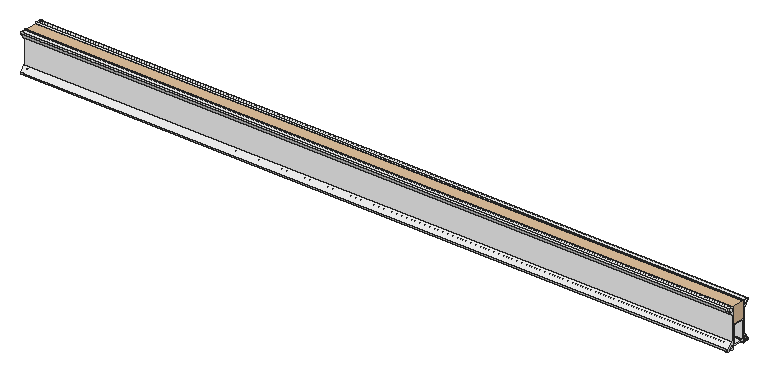
Revit family "Acrow Beam_S12", category Structural Stiffeners, Revit 2020
Family settings
  Work Plane-Based = No
  Always vertical = Yes
  Cut with Voids When Loaded = No
  Shared = No
Parameters (values of type "Single_Acrow")
  Wooden_Material = Sash
  Single = yes
  L [instance] = 2200 mm
  Double = no
  Default Elevation = 0 mm
  Beam_Material = Aluminum
Types (2, lengths in mm): name | Single | Double
  Single_Acrow | yes | no
  Double_Acrow | no | yes
Reference planes
  plane 1 "Center (Front/Back)": y = 0
  plane 2: z = 0
  plane 3 "Center (Left/Right)": x = 0
  plane 4: x = 1100
  plane 5: x = -1100
Forms (mm)
  Sweep 1, solid, material "Aluminum" <- "Beam_Material", visible <- "Single"
    path origin (0, 0, 0) x (1, 0, 0) y (0, 1, 0)
      loop
        line (-1100, 0) -> (1100, 0)
    profile "Acrow_Beam_Profile_Single : Acrow_Beam_Profile_Single" origin (0, 0, 0) x (0, 1, 0) y (0, 0, 1)
      loop
        line (22.093, -115.998) -> (22.093, -2.908)
        arc (22.093, -2.908) -> (22.414, -2.26) -> (23.089, -1.998) r 1
        line (23.089, -1.998) -> (36.389, -1.998)
        arc (36.389, -1.998) -> (37.323, -2.569) -> (37.174, -3.654) r 1
        line (37.174, -3.654) -> (22.479, -20.538) -> (23.988, -21.851) -> (38.683, -4.967)
        arc (38.683, -4.967) -> (39.139, -1.73) -> (36.366, 0.002) r 3
        line (36.366, 0.002) -> (23.089, 0.002)
        arc (23.089, 0.002) -> (20.913, -0.932) -> (20.093, -3.153) r 3
        line (20.093, -3.153) -> (20.093, -115.998)
        arc (20.093, -115.998) -> (20.99, -118.138) -> (23.146, -118.997) r 3
        line (23.146, -118.997) -> (36.424, -118.997)
        arc (36.424, -118.997) -> (39.154, -117.241) -> (38.686, -114.028) r 3
        line (38.686, -114.028) -> (23.991, -97.145) -> (22.482, -98.458) -> (37.178, -115.341)
        arc (37.178, -115.341) -> (37.334, -116.412) -> (36.424, -116.997) r 1
        line (36.424, -116.997) -> (23.123, -116.997)
        arc (23.123, -116.997) -> (22.396, -116.716) -> (22.093, -115.998) r 1
      loop
        arc (-15.913, -54.574) -> (-16.974, -55.013) -> (-17.413, -56.074) r 1.5
        line (-17.413, -56.074) -> (-17.413, -108.022)
        arc (-17.413, -108.022) -> (-16.974, -109.082) -> (-15.913, -109.522) r 1.5
        line (-15.913, -109.522) -> (15.913, -109.522)
        arc (15.913, -109.522) -> (16.974, -109.082) -> (17.413, -108.022) r 1.5
        line (17.413, -108.022) -> (17.413, -56.074)
        arc (17.413, -56.074) -> (16.974, -55.013) -> (15.913, -54.574) r 1.5
        line (15.913, -54.574) -> (-15.913, -54.574)
      loop
        arc (-15.913, -52.073) -> (-18.742, -53.245) -> (-19.913, -56.073) r 4
        line (-19.913, -56.073) -> (-19.913, -108.022)
        arc (-19.913, -108.022) -> (-18.742, -110.85) -> (-15.913, -112.022) r 4
        line (-15.913, -112.022) -> (15.913, -112.022)
        arc (15.913, -112.022) -> (18.742, -110.85) -> (19.913, -108.022) r 4
        line (19.913, -108.022) -> (19.913, -56.073)
        arc (19.913, -56.073) -> (18.742, -53.245) -> (15.913, -52.073) r 4
        line (15.913, -52.073) -> (-15.913, -52.073)
      loop
        arc (-22.093, -115.998) -> (-22.396, -116.716) -> (-23.123, -116.997) r 1
        line (-23.123, -116.997) -> (-36.424, -116.997)
        arc (-36.424, -116.997) -> (-37.334, -116.412) -> (-37.178, -115.341) r 1
        line (-37.178, -115.341) -> (-22.482, -98.458) -> (-23.991, -97.145) -> (-38.686, -114.028)
        arc (-38.686, -114.028) -> (-39.154, -117.241) -> (-36.424, -118.997) r 3
        line (-36.424, -118.997) -> (-23.146, -118.997)
        arc (-23.146, -118.997) -> (-20.99, -118.138) -> (-20.093, -115.998) r 3
        line (-20.093, -115.998) -> (-20.093, -3.153)
        arc (-20.093, -3.153) -> (-20.913, -0.932) -> (-23.089, 0.002) r 3
        line (-23.089, 0.002) -> (-36.366, 0.002)
        arc (-36.366, 0.002) -> (-39.139, -1.73) -> (-38.683, -4.967) r 3
        line (-38.683, -4.967) -> (-23.988, -21.851) -> (-22.479, -20.538) -> (-37.174, -3.654)
        arc (-37.174, -3.654) -> (-37.323, -2.569) -> (-36.389, -1.998) r 1
        line (-36.389, -1.998) -> (-23.089, -1.998)
        arc (-23.089, -1.998) -> (-22.414, -2.26) -> (-22.093, -2.908) r 1
        line (-22.093, -2.908) -> (-22.093, -115.998)
  Sweep 2, solid, material "Sash" <- "Wooden_Material", visible <- "Single"
    path origin (0, 0, 0) x (1, 0, 0) y (0, 1, 0)
      loop
        line (-1100, 0) -> (1100, 0)
    profile origin (0, 0, 0) x (0, 1, 0) y (0, 0, 1)
      loop
        line (-19.093, -1.998) -> (-19.093, -51.073) -> (19.093, -51.073) -> (19.093, -1.998) -> (-19.093, -1.998)
  Sweep 3, solid, material "Aluminum" <- "Beam_Material", visible <- "Double"
    path origin (0, 0, 0) x (1, 0, 0) y (0, 1, 0)
      loop
        line (-1100, 0) -> (1100, 0)
    profile "Acrow_Beam_Profile_Double : Acrow_Beam_Profile_Double" origin (0, 0, 0) x (0, 1, 0) y (0, 0, 1)
      loop
        line (62.093, -115.998) -> (62.093, -2.908)
        arc (62.093, -2.908) -> (62.414, -2.26) -> (63.089, -1.998) r 1
        line (63.089, -1.998) -> (76.389, -1.998)
        arc (76.389, -1.998) -> (77.323, -2.569) -> (77.174, -3.654) r 1
        line (77.174, -3.654) -> (62.479, -20.538) -> (63.988, -21.851) -> (78.683, -4.967)
        arc (78.683, -4.967) -> (79.139, -1.73) -> (76.366, 0.002) r 3
        line (76.366, 0.002) -> (63.089, 0.002)
        arc (63.089, 0.002) -> (60.913, -0.932) -> (60.093, -3.153) r 3
        line (60.093, -3.153) -> (60.093, -115.998)
        arc (60.093, -115.998) -> (60.99, -118.138) -> (63.146, -118.997) r 3
        line (63.146, -118.997) -> (76.424, -118.997)
        arc (76.424, -118.997) -> (79.154, -117.241) -> (78.686, -114.028) r 3
        line (78.686, -114.028) -> (63.991, -97.145) -> (62.482, -98.458) -> (77.178, -115.341)
        arc (77.178, -115.341) -> (77.334, -116.412) -> (76.424, -116.997) r 1
        line (76.424, -116.997) -> (63.123, -116.997)
        arc (63.123, -116.997) -> (62.396, -116.716) -> (62.093, -115.998) r 1
      loop
        arc (24.087, -54.574) -> (23.026, -55.013) -> (22.587, -56.074) r 1.5
        line (22.587, -56.074) -> (22.587, -108.022)
        arc (22.587, -108.022) -> (23.026, -109.082) -> (24.087, -109.522) r 1.5
        line (24.087, -109.522) -> (55.913, -109.522)
        arc (55.913, -109.522) -> (56.974, -109.082) -> (57.413, -108.022) r 1.5
        line (57.413, -108.022) -> (57.413, -56.074)
        arc (57.413, -56.074) -> (56.974, -55.013) -> (55.913, -54.574) r 1.5
        line (55.913, -54.574) -> (24.087, -54.574)
      loop
        arc (24.087, -52.073) -> (21.258, -53.245) -> (20.087, -56.073) r 4
        line (20.087, -56.073) -> (20.087, -108.022)
        arc (20.087, -108.022) -> (21.258, -110.85) -> (24.087, -112.022) r 4
        line (24.087, -112.022) -> (55.913, -112.022)
        arc (55.913, -112.022) -> (58.742, -110.85) -> (59.913, -108.022) r 4
        line (59.913, -108.022) -> (59.913, -56.073)
        arc (59.913, -56.073) -> (58.742, -53.245) -> (55.913, -52.073) r 4
        line (55.913, -52.073) -> (24.087, -52.073)
      loop
        arc (17.907, -115.998) -> (17.604, -116.716) -> (16.877, -116.997) r 1
        line (16.877, -116.997) -> (3.576, -116.997)
        arc (3.576, -116.997) -> (2.666, -116.412) -> (2.822, -115.341) r 1
        line (2.822, -115.341) -> (17.518, -98.458) -> (16.009, -97.145) -> (1.314, -114.028)
        arc (1.314, -114.028) -> (0.846, -117.241) -> (3.576, -118.997) r 3
        line (3.576, -118.997) -> (16.854, -118.997)
        arc (16.854, -118.997) -> (19.01, -118.138) -> (19.907, -115.998) r 3
        line (19.907, -115.998) -> (19.907, -3.153)
        arc (19.907, -3.153) -> (19.087, -0.932) -> (16.911, 0.002) r 3
        line (16.911, 0.002) -> (3.634, 0.002)
        arc (3.634, 0.002) -> (0.861, -1.73) -> (1.317, -4.967) r 3
        line (1.317, -4.967) -> (16.012, -21.851) -> (17.521, -20.538) -> (2.826, -3.654)
        arc (2.826, -3.654) -> (2.677, -2.569) -> (3.611, -1.998) r 1
        line (3.611, -1.998) -> (16.911, -1.998)
        arc (16.911, -1.998) -> (17.586, -2.26) -> (17.907, -2.908) r 1
        line (17.907, -2.908) -> (17.907, -115.998)
  Sweep 4, solid, material "Aluminum" <- "Beam_Material", visible <- "Double"
    path origin (0, 0, 0) x (1, 0, 0) y (0, -1, 0)
      loop
        line (-1100, 0) -> (1100, 0)
    profile "Acrow_Beam_Profile_Double : Acrow_Beam_Profile_Double" origin (0, 0, 0) x (0, 1, 0) y (0, 0, 1)
      loop
        arc (-62.093, -115.998) -> (-62.396, -116.716) -> (-63.123, -116.997) r 1
        line (-63.123, -116.997) -> (-76.424, -116.997)
        arc (-76.424, -116.997) -> (-77.334, -116.412) -> (-77.178, -115.341) r 1
        line (-77.178, -115.341) -> (-62.482, -98.458) -> (-63.991, -97.145) -> (-78.686, -114.028)
        arc (-78.686, -114.028) -> (-79.154, -117.241) -> (-76.424, -118.997) r 3
        line (-76.424, -118.997) -> (-63.146, -118.997)
        arc (-63.146, -118.997) -> (-60.99, -118.138) -> (-60.093, -115.998) r 3
        line (-60.093, -115.998) -> (-60.093, -3.153)
        arc (-60.093, -3.153) -> (-60.913, -0.932) -> (-63.089, 0.002) r 3
        line (-63.089, 0.002) -> (-76.366, 0.002)
        arc (-76.366, 0.002) -> (-79.139, -1.73) -> (-78.683, -4.967) r 3
        line (-78.683, -4.967) -> (-63.988, -21.851) -> (-62.479, -20.538) -> (-77.174, -3.654)
        arc (-77.174, -3.654) -> (-77.323, -2.569) -> (-76.389, -1.998) r 1
        line (-76.389, -1.998) -> (-63.089, -1.998)
        arc (-63.089, -1.998) -> (-62.414, -2.26) -> (-62.093, -2.908) r 1
        line (-62.093, -2.908) -> (-62.093, -115.998)
      loop
        line (-24.087, -54.574) -> (-55.913, -54.574)
        arc (-55.913, -54.574) -> (-56.974, -55.013) -> (-57.413, -56.074) r 1.5
        line (-57.413, -56.074) -> (-57.413, -108.022)
        arc (-57.413, -108.022) -> (-56.974, -109.082) -> (-55.913, -109.522) r 1.5
        line (-55.913, -109.522) -> (-24.087, -109.522)
        arc (-24.087, -109.522) -> (-23.026, -109.082) -> (-22.587, -108.022) r 1.5
        line (-22.587, -108.022) -> (-22.587, -56.074)
        arc (-22.587, -56.074) -> (-23.026, -55.013) -> (-24.087, -54.574) r 1.5
      loop
        line (-24.087, -52.073) -> (-55.913, -52.073)
        arc (-55.913, -52.073) -> (-58.742, -53.245) -> (-59.913, -56.073) r 4
        line (-59.913, -56.073) -> (-59.913, -108.022)
        arc (-59.913, -108.022) -> (-58.742, -110.85) -> (-55.913, -112.022) r 4
        line (-55.913, -112.022) -> (-24.087, -112.022)
        arc (-24.087, -112.022) -> (-21.258, -110.85) -> (-20.087, -108.022) r 4
        line (-20.087, -108.022) -> (-20.087, -56.073)
        arc (-20.087, -56.073) -> (-21.258, -53.245) -> (-24.087, -52.073) r 4
      loop
        line (-17.907, -115.998) -> (-17.907, -2.908)
        arc (-17.907, -2.908) -> (-17.586, -2.26) -> (-16.911, -1.998) r 1
        line (-16.911, -1.998) -> (-3.611, -1.998)
        arc (-3.611, -1.998) -> (-2.677, -2.569) -> (-2.826, -3.654) r 1
        line (-2.826, -3.654) -> (-17.521, -20.538) -> (-16.012, -21.851) -> (-1.317, -4.967)
        arc (-1.317, -4.967) -> (-0.861, -1.73) -> (-3.634, 0.002) r 3
        line (-3.634, 0.002) -> (-16.911, 0.002)
        arc (-16.911, 0.002) -> (-19.087, -0.932) -> (-19.907, -3.153) r 3
        line (-19.907, -3.153) -> (-19.907, -115.998)
        arc (-19.907, -115.998) -> (-19.01, -118.138) -> (-16.854, -118.997) r 3
        line (-16.854, -118.997) -> (-3.576, -118.997)
        arc (-3.576, -118.997) -> (-0.846, -117.241) -> (-1.314, -114.028) r 3
        line (-1.314, -114.028) -> (-16.009, -97.145) -> (-17.518, -98.458) -> (-2.822, -115.341)
        arc (-2.822, -115.341) -> (-2.666, -116.412) -> (-3.576, -116.997) r 1
        line (-3.576, -116.997) -> (-16.877, -116.997)
        arc (-16.877, -116.997) -> (-17.604, -116.716) -> (-17.907, -115.998) r 1
  Sweep 5, solid, material "Sash" <- "Wooden_Material", visible <- "Double"
    path origin (0, 400, 0) x (1, 0, 0) y (0, 1, 0)
      loop
        line (-1100, -400) -> (1100, -400)
    profile origin (0, 0, 0) x (0, 1, 0) y (0, 0, 1)
      loop
        line (-59.093, -1.998) -> (-59.093, -51.073) -> (-20.907, -51.073) -> (-20.907, -1.998) -> (-59.093, -1.998)
      loop
        line (59.093, -1.998) -> (20.907, -1.998) -> (20.907, -51.073) -> (59.093, -51.073) -> (59.093, -1.998)
Dimensions and locks
  equal spacing: plane 5, plane 3 "Center (Left/Right)", plane 4
  "L": plane 5 to plane 4
  Sweep 1 to Sweep 2 sketch curve = 1 mm
  Sweep 2 sketch curve to Sweep 1 = 1 mm  (x2)
  aligned and locked: level to plane 2
  aligned and locked: plane 5 to Sweep 1 sketch curve
  aligned and locked: plane 4 to Sweep 1 sketch curve
  aligned and locked: plane 1 "Center (Front/Back)" to Sweep 1 sketch curve
  aligned and locked: plane 5 to Sweep 2 sketch curve
  aligned and locked: plane 4 to Sweep 2 sketch curve
  aligned and locked: plane 1 "Center (Front/Back)" to Sweep 2 sketch curve
  aligned and locked: Sweep 2 sketch curve to Sweep 1
  aligned and locked: plane 5 to Sweep 3 sketch curve
  aligned and locked: plane 4 to Sweep 3 sketch curve
  aligned and locked: plane 1 "Center (Front/Back)" to Sweep 3 sketch curve
  aligned and locked: plane 5 to Sweep 4 sketch curve
  aligned and locked: plane 4 to Sweep 4 sketch curve
  aligned and locked: plane 1 "Center (Front/Back)" to Sweep 4 sketch curve
  aligned and locked: plane 1 "Center (Front/Back)" to Sweep 5 sketch curve
  aligned and locked: plane 5 to Sweep 5 sketch curve
  aligned and locked: plane 4 to Sweep 5 sketch curve
Automatic sketch dimensions
  profile plane to Sweep 5 sketch curve = 59.093 mm
  profile plane to Sweep 5 sketch curve = 20.907 mm
  Sweep 5 sketch curve to profile plane = 20.907 mm
  Sweep 5 sketch curve to Sweep 5 sketch curve = 38.185 mm
  Sweep 5 sketch curve to level = 51.073 mm  (x2)
  Sweep 5 sketch curve to level = 1.998 mm  (x2)
